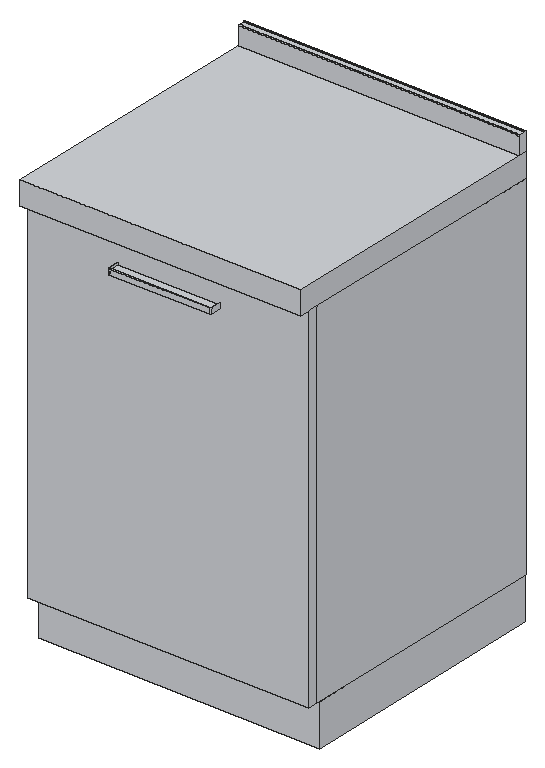
Revit family
Parameters (values of type "600 X 600 X 900mm")
  Top Material = none
  Material = none
  Handle Material = none
  Depth = 600 mm
  Height = 900 mm
  Width = 600 mm
  Assembly Code = ""
Types (5, lengths in mm): name | Width | Assembly Code
  (no name) | 600 | ""
  600 x 450 x 900mm | 450 | "C1030400"
  600 X 600 X 900mm | 600 | ""
  600 x 300 x 900mm | 300 | "C1030400"
  600 x 400 x 900mm | 400 | "C1030400"
Reference planes
  plane 1 "Back": y = 0
  plane 2: z = 0
  plane 3 "Center (Left/Right)": x = 44.7
  plane 4 "Front": y = -600
  plane 5 "Left": x = -255.3
  plane 6 "Right": x = 344.7
  plane 7 "Top": z = 900
  plane 8: z = 90
  plane 9: z = 850
Forms (mm)
  Extrusion 1, solid
    sketch origin (0, 0, 0) x (1, 0, 0) y (0, 1, 0)
      loop
        line (-255.3, 0) -> (-255.3, -558) -> (-233.3, -558) -> (-233.3, -22) -> (322.7, -22) -> (322.7, -558) -> (344.7, -558) -> (344.7, 0) -> (-255.3, 0)
    from 90 to 850
  Extrusion 2, solid, material <- "Material"
    sketch origin (0, 0, 0) x (1, 0, 0) y (0, 1, 0)
      loop
        line (-255.3, -580) -> (344.7, -580) -> (344.7, -558) -> (-255.3, -558) -> (-255.3, -580)
    from 90 to 850
  Extrusion 3, solid, material <- "Top Material"
    sketch origin (0, 0, 900) x (0, -1, 0) y (-1, 0, 0)
      loop
        line (0, 255.3) -> (0, -344.7) -> (600, -344.7) -> (600, 255.3) -> (0, 255.3)
    from 0 to 50
  Extrusion 4, solid, material <- "Material"
    sketch origin (0, 0, 900) x (0, -1, 0) y (-1, 0, 0)
      loop
        line (0.534, 255.3) -> (0.534, -344.7) -> (550.534, -344.7) -> (550.534, 255.3) -> (0.534, 255.3)
    from 810 to 900
  Sweep 5, solid, material <- "Top Material"
    path origin (0, 0, 900) x (0, -1, 0) y (1, 0, 0)
      loop
        line (0, 344.7) -> (0, -255.3)
    profile origin (44.7, 0, 0) x (0, -1, 0) y (0, 0, 1)
      loop
        line (0, 900) -> (15, 900) -> (15, 938)
        arc (15, 938) -> (14.414, 939.414) -> (13, 940) r 2
        line (13, 940) -> (1.504, 940) -> (1.504, 942.003) -> (0, 942.003) -> (0, 900)
Dimensions and locks
  "Width": plane 6 "Right" to plane 5 "Left"
  equal spacing: plane 6 "Right", plane 3 "Center (Left/Right)", plane 5 "Left"
  "Depth": plane 4 "Front" to plane 1 "Back"
  "Height": level to plane 7 "Top"
  locked: Extrusion 1 sketch curve to Extrusion 1 sketch curve at 22  (x3)
  locked: plane 8 to level at 90
  locked: plane 7 "Top" to plane 9 at 50
  equal spacing: plane 5 "Left", nested 1, plane 6 "Right"
  aligned and locked: Extrusion 1 sketch curve to plane 6 "Right"
  aligned and locked: plane 1 "Back" to Extrusion 1 sketch curve
  aligned and locked: plane 5 "Left" to Extrusion 1 sketch curve
  aligned and locked: Extrusion 2 to plane 9
  aligned and locked: Extrusion 1 to plane 9
  aligned and locked: plane 8 to Extrusion 2
  aligned and locked: plane 8 to Extrusion 1
  aligned and locked: Extrusion 4 to Extrusion 1
  aligned and locked: Extrusion 2 to nested 1
Automatic sketch dimensions
  Extrusion 3 sketch curve to plane 1 "Back" = 0 mm
  Extrusion 3 sketch curve to plane 4 "Front" = 0 mm
  Extrusion 3 sketch curve to plane 5 "Left" = 0 mm
  Extrusion 3 sketch curve to plane 6 "Right" = 0 mm
  plane 1 "Back" to Extrusion 4 sketch curve = 0.534 mm
  Extrusion 4 sketch curve to plane 5 "Left" = 0 mm
  Extrusion 4 sketch curve to plane 6 "Right" = 0 mm
  Extrusion 4 sketch curve to plane 4 "Front" = 49.466 mm
  Sweep 5 sketch curve to plane 1 "Back" = 0 mm
  Sweep 5 sketch curve to plane 5 "Left" = 0 mm
  Sweep 5 sketch curve to plane 6 "Right" = 0 mm
  Sweep 5 sketch curve to profile plane = 0 mm  (x2)
  Sweep 5 sketch curve to profile plane = 1.504 mm
  Sweep 5 sketch curve to Sweep 5 sketch curve = 11.496 mm
  Sweep 5 sketch curve to profile plane = 15 mm
  profile plane to Sweep 5 sketch curve = 38 mm
  Sweep 5 sketch curve to Sweep 5 sketch curve = 2.003 mm
  Extrusion 1 sketch curve to plane 4 "Front" = 42 mm  (x2)
  Extrusion 2 sketch curve to plane 5 "Left" = 0 mm
  Extrusion 2 sketch curve to plane 4 "Front" = 20 mm
  Extrusion 2 sketch curve to Extrusion 2 sketch curve = 22 mm
  Extrusion 2 sketch curve to plane 6 "Right" = 0 mm
Nested families
  nested 1: "Casework Handle" at (319.577, -603, 787.18), type "220 x 23mm"
Definition of nested family "Casework Handle"
  Parameters (values of type "220 x 23mm")
    Material = none
  Reference planes
    plane 1 "Center (Front/Back)": y = 0
    plane 2: z = 0
    plane 3 "Center (Left/Right)": x = -274.877
    plane 4: x = -384.877
    plane 5: x = -164.877
    plane 6: y = 23
    plane 7: z = 12
  Forms (mm)
    Sweep 1, solid, material <- "Material"
      path origin (0, 0, 0) x (1, 0, 0) y (0, 1, 0)
        loop
          line (-384.877, 23) -> (-384.877, 2.5)
          arc (-384.877, 2.5) -> (-384.145, 0.732) -> (-382.377, 0) r 2.5
          line (-382.377, 0) -> (-167.377, 0)
          arc (-167.377, 0) -> (-165.609, 0.732) -> (-164.877, 2.5) r 2.5
          line (-164.877, 2.5) -> (-164.877, 23)
      profile origin (0, 12.75, 0) x (1, 0, 0) y (0, 0, 1)
        loop
          line (-384.877, 0) -> (-382.877, 0) -> (-382.877, 12) -> (-384.877, 12) -> (-384.877, 0)
    Extrusion 2, solid, material <- "Material"
      sketch origin (0, 0, 0) x (1, 0, 0) y (0, 1, 0)
        loop
          arc (-382.877, 2.5) -> (-382.731, 2.146) -> (-382.377, 2) r 0.5
          line (-382.377, 2) -> (-167.377, 2)
          arc (-167.377, 2) -> (-167.023, 2.146) -> (-166.877, 2.5) r 0.5
          line (-166.877, 2.5) -> (-166.877, 23) -> (-382.877, 23) -> (-382.877, 2.5)
      from 2.765 to 9.254
  Dimensions and locks
    equal spacing: plane 4, plane 3 "Center (Left/Right)", plane 5
